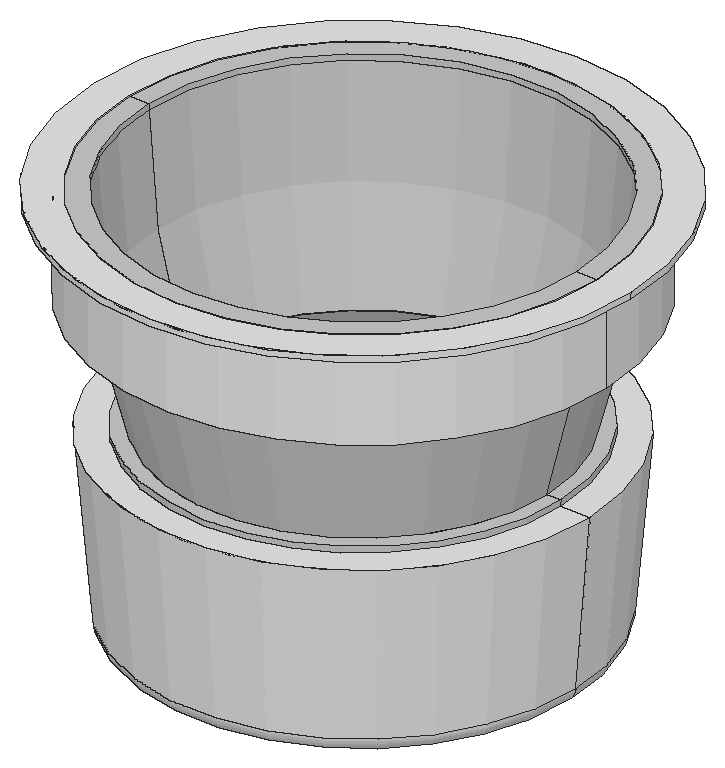
Revit family "2059341 Lighting Fixture_Sylvania_Ascent 150 II Round_Ceiling Recessed", category Lighting Fixtures, host Face, Revit 2017
Family settings
  Host = Face
  Round Connector Dimension = Use Diameter
  Part Type = Normal
  OmniClass Number = 23.80.70.11.17
  OmniClass Title = Specialized Lighting by Location or Use
  Cut with Voids When Loaded = No
  Light Source = Yes
  Shared = No
  Room Calculation Point = No
Parameters (values of type "ASCENT 150 II 1100 3K DALI")
  Upper Body Radius = Radius - 14.5 mm  # 80.0 mm
  Upper Body Material = Metal_Sylvania_Ascent 150 II_Black
  Ring Outer Diameter = Diameter - 17.0 mm  # 172.0 mm
  Ring Inner Diameter = Ring Outer Diameter - 4.0 mm  # 168.0 mm
  Reflector Material = Metal_Sylvania_Ascent 150 II_Polished
  Recessed Depth = 142.0 mm
  Radius = Diameter / 2  # 94.5 mm
  Light Emit  Diameter = Diameter - 38.0 mm  # 151.0 mm
  LOR = "100%"  # constant formula
  Inrush Current (max. quantity per 16A C breaker) = "80"  # constant formula
  Inner Reflector Radius = Inner Radius - 19.5 mm  # 63.0 mm
  Inner Radius = Inner Diameter / 2  # 82.5 mm
  Inner Diameter = Diameter - 24.0 mm  # 165.0 mm
  IP Rating = "IP44"  # constant formula
  IK Rating = "IK02"  # constant formula
  Glow Wire Test = 650 °C  # constant formula
  Energy Class = "A++,A+,A"  # constant formula
  Weight = 1.7 kg
  Wattage = 9.13008 W
  built-in parameter 1150110 = 1 (stored number, unit not read)
  Voltage Comments = "UNV (Universal Voltage; 220-240 Volt)"  # constant formula
  Voltage = 230 V  # constant formula
  URL = "https://www.sylvania-lighting.com"
  built-in parameter 1114217 = 1 (stored number, unit not read)
  Tilt Angle = -90°
  built-in parameter 1150109 = 1 (stored number, unit not read)
  built-in parameter 1150134 = (empty or 0)
  built-in parameter 1150113 = 1 (stored number, unit not read)
  Product Page URL = "https://www.sylvania-lighting.com/product/en-int/products/2059341"
  Product Family = "ASCENT 150 II ROUND"  # constant formula
  Photometry Comments = ""
  Photometric Web File = "2059341_ASCENT150II11003KDALI-206125.ies"
  Life = "50 000 h"  # constant formula
  Emit from Circle Diameter = Light Emit  Diameter  # 151.0 mm
  Emit Shape Visible in Rendering = no
  Emergency duration (h) = "N/A"
  Electrical Protection = "Class II"  # constant formula
  Drive Current = "350mA"  # constant formula
  Distribution type = "Direct"  # constant formula
  Diffuser Material = Glass_Sylvania_Ascent 150 II_Clear_3000K
  Diameter = 189.0 mm
  Cutout Diameter = Diameter - 13.0 mm  # 176.0 mm
  Colour consistency (SDCM) = "3 step"  # constant formula
  built-in parameter 1114216 [instance] = 1 (stored number, unit not read)
  Model = "ASCENT 150 II 1100 3K DALI"
  Manufacturer = "Feilo Sylvania"
  built-in parameter 1150105 = 685.08 (stored number, unit not read)
  Lumens = 1123 lm
  built-in parameter 1150115 = 1 (stored number, unit not read)
  built-in parameter 1150137 = (empty or 0)
  built-in parameter 1150139 = (empty or 0)
  built-in parameter 1150112 = 1 (stored number, unit not read)
  built-in parameter 1150114 = 1 (stored number, unit not read)
  Lamp Comments = "Integrated LED"  # constant formula
  Lamp = "LED"  # constant formula
  built-in parameter 1150132 = 2
  built-in parameter 1150102 = (empty or 0)
  built-in parameter 1150107 = 3000 (stored number, unit not read)
  built-in parameter 1150138 = (empty or 0)
  built-in parameter 1150106 = 6.8508 (stored number, unit not read)
  built-in parameter 1150104 = 11.427 (stored number, unit not read)
  Dimming Lamp Color Temperature Shift = <None>
  Description = "A very high efficient round downlight up to 127lm/W Long life >50,000hrs 4,000K and 3,000K CCT and CRI Ra85 IP44 rated for wet areas and bathrooms UGR <19 version for offices to comply with EN12464-1 Wide selection of decorative accessories"  # constant formula
  Default Elevation = 0.0 mm
  Color Filter = 16777215
  Catalog Number = "2059341 ASCENT 150 II 1100 3K DALI"
  built-in parameter 1140040 [instance] = 1
  CRI (Ra) = ">80"  # constant formula
  built-in parameter 1114218 = 1 (stored number, unit not read)
  built-in parameter 1150133 = 10 (stored number, unit not read)
  Assembly Code = "D5020200"
  Apparent Load Comments = ""
  Apparent Load = 10 VA
  Accessory Material = Aluminum_Sylvania_Ascent 150 II_White
Reference planes
  plane 1 "Center (Front/Back)": y = 0
  plane 2: z = 0
  plane 3 "Center (Left/Right)": x = 0
  plane 4: z = 2
  plane 5: z = -74
  plane 6 "Fixture Top": z = -140
  plane 7: z = -31
  plane 8: z = -72
  plane 9: z = -62.037
Forms (mm)
  Extrusion 1, solid, material "Aluminum_Sylvania_Ascent 150 II_White" <- "Accessory Material", detail levels fine
    sketch origin (0, 0, 0) x (1, 0, 0) y (0, 1, 0)
      loop
        circle (0, 0) r 94.5
      loop
        circle (0, 0) r 82.5
    from 0 to 2
  Extrusion 2, void
    sketch origin (0, 0, 0) x (1, 0, 0) y (0, 1, 0)
      loop
        circle (0, 0) r 88
    from -140 to 2
  Revolve 3, solid, material "Metal_Sylvania_Ascent 150 II_Polished" <- "Reflector Material", detail levels fine
    sketch origin (0, 0, 0) x (1, 0, 0) y (0, 0, 1)
      loop
        line (-82.5, 0) -> (-77.5, 0)
        arc (-77.5, 0) -> (-74.352, -36.539) -> (-65, -72) r 213.61
        line (-65, -72) -> (-70, -72) -> (-70, -74) -> (0, -74) -> (0, -72) -> (-63, -72)
        arc (-63, -72) -> (-72.352, -36.539) -> (-75.5, 0) r 213.61
        line (-75.5, 0) -> (-75.5, 2) -> (-82.5, 2) -> (-82.5, 0)
      axis (0, 2) -> (0, -74)
    angle from 0 to 360
  Extrusion 4, solid, material "Aluminum_Sylvania_Ascent 150 II_White" <- "Accessory Material", detail levels fine
    sketch origin (0, 0, 0) x (1, 0, 0) y (0, 1, 0)
      loop
        circle (0, 0) r 86
      loop
        circle (0, 0) r 84
    from -31 to 0
  Revolve 5, solid, material "Glass_Sylvania_Ascent 150 II_Clear_3000K" <- "Diffuser Material", detail levels fine
    sketch origin (0, 0, 0) x (1, 0, 0) y (0, 0, 1)
      loop
        line (-63, -72) -> (0, -72) -> (0, -62.037)
        arc (0, -62.037) -> (-31.891, -64.543) -> (-63, -72) r 204.163
      axis (0, -62.037) -> (0, -72)
    angle from 0 to 360
  Revolve 6, solid, material "Metal_Sylvania_Ascent 150 II_Black" <- "Upper Body Material", detail levels fine
    sketch origin (0, 0, 0) x (1, 0, 0) y (0, 0, 1)
      loop
        line (0, -74) -> (-80, -74) -> (-75.107, -129.929)
        arc (-75.107, -129.929) -> (-73.452, -133.536) -> (-69.924, -135.353) r 6.079
        arc (-69.924, -135.353) -> (-35.039, -138.837) -> (0, -140) r 528.435
        line (0, -140) -> (0, -74)
      axis (0, -74) -> (0, -140)
    angle from 0 to 360
  Revolve 7, solid, material "Aluminum_Sylvania_Ascent 150 II_White" <- "Accessory Material", detail levels coarse+medium
    sketch origin (0, 0, 0) x (1, 0, 0) y (0, 0, 1)
      loop
        arc (-69.924, -135.353) -> (-35.039, -138.837) -> (0, -140) r 528.435
        line (0, -140) -> (0, 2) -> (-94.5, 2) -> (-94.5, 0) -> (-86, 0) -> (-86, -31)
        arc (-86, -31) -> (-84.493, -52.708) -> (-80, -74) r 157.083
        line (-80, -74) -> (-75.107, -129.929)
        arc (-75.107, -129.929) -> (-73.452, -133.536) -> (-69.924, -135.353) r 6.079
      axis (0, 2) -> (0, -140)
    angle from 0 to 360
Cuts and joins
  joined: Extrusion 1, Extrusion 4
Lines and regions (mm)
  Masking region 1
    outline origin (0, 0, 0) x (1, 0, 0) y (0, 1, 0)
      loop
        circle (0, 0) r 94.5
  symbolic lines, detail levels fine
    curve 1: arc (-75.5, 0, 0) -> (0, 75.5, 0) -> (75.5, 0, 0) r 75.5
    curve 2: arc (75.5, 0, 0) -> (0, -75.5, 0) -> (-75.5, 0, 0) r 75.5
Dimensions and locks
  plane 4 to plane 2 to plane 7 to plane 9 to plane 8 to plane 5 = 2.0 mm locked, 31.0 mm locked, 31.037 mm locked, 9.963 mm locked, 2.0 mm locked
  "Inner Radius": plane 3 "Center (Left/Right)" to Revolve 3 sketch curve
  locked: Revolve 3 sketch curve to Revolve 3 sketch curve at 7
  Revolve 3 sketch curve to Revolve 3 sketch curve to Revolve 3 sketch curve to Revolve 3 sketch curve = 2.0 mm locked, 5.0 mm locked, 12.5 mm locked
  "Inner Reflector Radius": Revolve 5 sketch curve to imposter light
  Revolve 6 sketch curve to Revolve 6 sketch curve to plane 6 "Fixture Top" = 5.424 mm locked, 4.647 mm locked
  "Recessed Depth": plane 4 to plane 6 "Fixture Top"
  "Upper Body Radius": plane 3 "Center (Left/Right)" to Revolve 6 sketch curve
  Revolve 6 sketch curve to Revolve 6 sketch curve to Revolve 6 sketch curve = 4.893 mm locked, 5.183 mm locked
  Revolve 7 sketch curve to Revolve 7 sketch curve to plane 6 "Fixture Top" = 5.424 mm locked, 4.647 mm locked
  Revolve 7 sketch curve to Revolve 7 sketch curve to Revolve 7 sketch curve to Revolve 7 sketch curve to Revolve 7 sketch curve = 8.5 mm locked, 6.0 mm locked, 4.893 mm locked, 5.183 mm locked
  "Radius": plane 3 "Center (Left/Right)" to Revolve 7 sketch curve
  "Diameter": diameter of Extrusion 1 sketch curve
  "Inner Diameter": diameter of Extrusion 1 sketch curve
  "Cutout Diameter": diameter of Extrusion 2 sketch curve
  "Ring Outer Diameter": diameter of Extrusion 4 sketch curve
  "Ring Inner Diameter": diameter of Extrusion 4 sketch curve
  aligned and locked: plane 2 to host face
  aligned and locked: level to host face
  aligned and locked: imposter light to plane 3 "Center (Left/Right)"
  aligned and locked: imposter light to plane 1 "Center (Front/Back)"
  aligned and locked: Extrusion 1 to plane 2
  aligned and locked: plane 4 to Extrusion 1
  aligned and locked: imposter light to plane 4
  aligned and locked: imposter light to Revolve 3 sketch curve
  aligned and locked: Revolve 3 sketch curve to imposter light
  aligned and locked: Revolve 3 sketch curve to plane 2
  aligned and locked: Revolve 3 sketch curve to Revolve 3 sketch curve
  aligned and locked: plane 5 to Revolve 3 sketch curve
  aligned and locked: Extrusion 4 to plane 7
  aligned and locked: Revolve 3 sketch curve to plane 8
  aligned and locked: Revolve 5 sketch curve to plane 8
  aligned and locked: imposter light to Revolve 5 sketch curve  (x2)
  aligned and locked: imposter light to Revolve 6 sketch curve  (x2)
  aligned and locked: plane 5 to Revolve 6 sketch curve
  aligned and locked: plane 6 "Fixture Top" to Revolve 6 sketch curve
  aligned and locked: Revolve 7 sketch curve to plane 2
  aligned and locked: plane 4 to Revolve 7 sketch curve
  aligned and locked: plane 7 to Revolve 7 sketch curve
  aligned and locked: imposter light to Extrusion 2
  aligned and locked: Extrusion 2 to plane 6 "Fixture Top"
  aligned and locked: Masking region 1 sketch curve to Revolve 7  (x2)
  aligned and locked: curve 1 to Revolve 3
  aligned and locked: curve 2 to Revolve 3
Automatic sketch dimensions
  host sketch curve to host sketch curve = 1040.406 mm
  host sketch curve to host sketch curve = 988.385 mm
  Extrusion 1 sketch curve to Extrusion 1 sketch curve = 0.0 mm  (x2)
  plane 1 "Center (Front/Back)" to Extrusion 1 sketch curve = 0.0 mm
  Extrusion 1 sketch curve to plane 3 "Center (Left/Right)" = 0.0 mm
  plane 1 "Center (Front/Back)" to Extrusion 2 sketch curve = 0.0 mm
  Extrusion 2 sketch curve to plane 3 "Center (Left/Right)" = 0.0 mm
  Revolve 3 sketch curve to plane 3 "Center (Left/Right)" = 0.0 mm
  Revolve 3 sketch curve to level = 0.0 mm
  Revolve 3 sketch curve to Revolve 3 sketch curve = 2.0 mm
  Revolve 3 sketch curve to plane 5 = 27.065 mm
  plane 4 to Revolve 3 sketch curve = 16.525 mm
  Extrusion 4 sketch curve to Extrusion 4 sketch curve = 0.0 mm  (x2)
  plane 1 "Center (Front/Back)" to Extrusion 4 sketch curve = 0.0 mm
  Extrusion 4 sketch curve to plane 3 "Center (Left/Right)" = 0.0 mm
  Revolve 5 sketch curve to plane 9 = 0.0 mm
  Revolve 5 sketch curve to plane 5 = 17.158 mm
  Revolve 5 sketch curve to plane 7 = 15.158 mm
  Revolve 6 sketch curve to plane 7 = 0.0 mm
  Revolve 6 sketch curve to Revolve 6 sketch curve = 6.05 mm
  Revolve 6 sketch curve to plane 6 "Fixture Top" = 26.0 mm
  Revolve 7 sketch curve to plane 3 "Center (Left/Right)" = 0.0 mm  (x2)
  Revolve 7 sketch curve to plane 6 "Fixture Top" = 0.0 mm
  Revolve 7 sketch curve to plane 5 = 0.0 mm
  Revolve 7 sketch curve to plane 7 = 0.0 mm
  Revolve 7 sketch curve to Revolve 7 sketch curve = 0.866 mm
  Revolve 7 sketch curve to Revolve 7 sketch curve = 26.0 mm
Connectors
  electrical at (0, 0, -140), driven by "Apparent Load", driven by "Voltage"
    settings: index 1, voltage 230 V, apparent load 0 VA, apparent load phase1 10 VA, apparent load phase2 0 VA, apparent load phase3 0 VA, power factor 1, load classification "Lighting", number of poles 1, system type 31, power factor state 1, is connector primary yes, connector utility no, sub classification motor no, connector description ""
